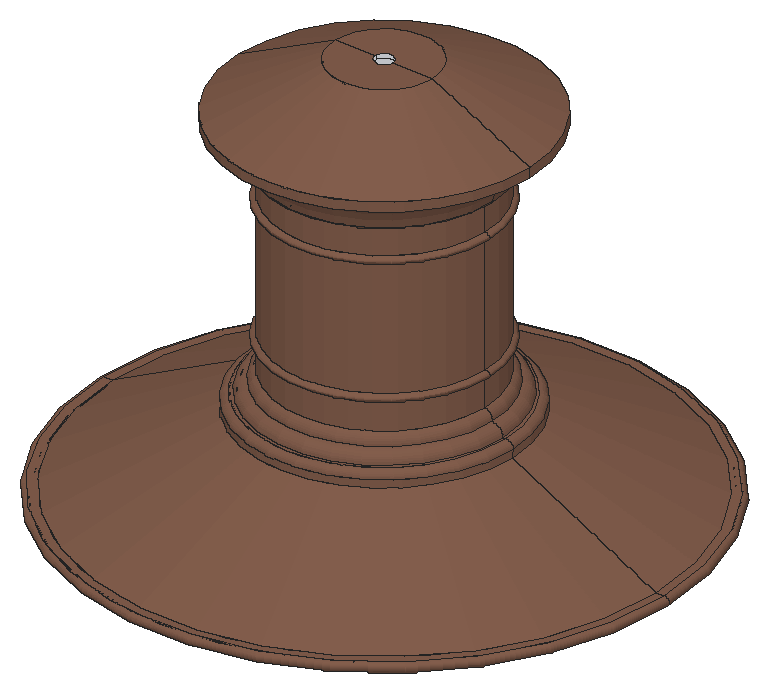
Revit family "MC16 SHADE", category Lighting Fixtures, Revit 2024
Family settings
  Round Connector Dimension = Use Diameter
  Part Type = Normal
  OmniClass Number = 23.80.70.00
  OmniClass Title = Lighting
  Work Plane-Based = No
  Always vertical = Yes
  Cut with Voids When Loaded = No
  Light Source = Yes
  Maintain Annotation Orientation = No
  Shared = No
  Room Calculation Point = No
Parameters
  Wattage = 12.1178 W
  built-in parameter 1150110 = 1 (stored number, unit not read)
  built-in parameter 1114217 = 1 (stored number, unit not read)
  built-in parameter 1150109 = 1 (stored number, unit not read)
  built-in parameter 1150134 = (empty or 0)
  built-in parameter 1150113 = 1 (stored number, unit not read)
  Lumens = 1800 lm
  built-in parameter 1150115 = 1 (stored number, unit not read)
  built-in parameter 1150105 = 572.96 (stored number, unit not read)
  Light Source Symbol Size = 2' - 0"
  built-in parameter 1150137 = (empty or 0)
  built-in parameter 1150139 = (empty or 0)
  built-in parameter 1150112 = 1 (stored number, unit not read)
  built-in parameter 1150114 = 1 (stored number, unit not read)
  built-in parameter 1150132 = 2
  built-in parameter 1150102 = (empty or 0)
  built-in parameter 1150138 = (empty or 0)
  built-in parameter 1150107 = 3000 (stored number, unit not read)
  built-in parameter 1150106 = 5.7296 (stored number, unit not read)
  built-in parameter 1150104 = 13.8 (stored number, unit not read)
  Dimming Lamp Color Temperature Shift = (empty or 0)
  Default Elevation = 0' - 0"
  Color Filter = 16777215
  built-in parameter 1114218 = 1 (stored number, unit not read)
  built-in parameter 1150133 = 10 (stored number, unit not read)
Reference planes (in)
  plane 1 "Light Source Axis (F/B)": y = 0
  plane 2: z = 0
  plane 3 "Light Source Axis (L/R)": x = 0
  plane 4 "Light Source Elevation": z = 84
Forms (in)
  Revolve 1, solid
    sketch origin (0, 0, 0) x (1, 0, 0) y (0, 0, 1)
      loop
        line (-7.75, 84.125) -> (-7.58307, 84.16615) -> (-3.53125, 86.19202) -> (-3.53125, 86.44996)
        arc (-3.53125, 86.44996) -> (-3.50013, 86.52509) -> (-3.425, 86.55621) r 0.10625
        line (-3.425, 86.55621) -> (-3.20871, 86.55621)
        arc (-3.20871, 86.55621) -> (-3.20089, 86.75767) -> (-3.025, 86.85621) r 0.20625
        line (-3.025, 86.85621) -> (-2.93115, 86.95007)
        arc (-2.93115, 86.95007) -> (-2.87699, 87.09463) -> (-2.73363, 87.15189) r 0.19092
        line (-2.73363, 87.15189) -> (-2.73363, 87.96715) -> (-2.73363, 91.41311) -> (-2.73363, 92.49224) -> (-2.79841, 92.49224)
        arc (-2.79841, 92.49224) -> (-2.86377, 92.47668) -> (-2.92608, 92.50182) r 0.11064
        arc (-2.92608, 92.50182) -> (-3.32587, 93.14724) -> (-3.98544, 93.52321) r 1.53995
        line (-3.98544, 93.52321) -> (-3.98544, 93.64105) -> (-1.35364, 94.90625) -> (-0.25, 94.90625) -> (-0.25, 95) -> (-1.375, 95) -> (-4.07919, 93.7) -> (-4.07919, 93.45)
        arc (-4.07919, 93.45) -> (-3.40842, 93.09632) -> (-3.00882, 92.45186) r 1.4462
        arc (-3.00882, 92.45186) -> (-2.92656, 92.39538) -> (-2.82738, 92.38457) r 0.20439
        line (-2.82738, 92.38457) -> (-2.82738, 91.64962)
        spline (-2.82738, 91.64962) -> (-2.86775, 91.63099) -> (-2.90078, 91.61249) -> (-2.92647, 91.59412) -> (-2.94482, 91.57587) -> (-2.95583, 91.55776) -> (-2.9595, 91.53978) -> (-2.95583, 91.52192) -> (-2.94482, 91.50419) -> (-2.92647, 91.48659) -> (-2.90078, 91.46912) -> (-2.86775, 91.45178) -> (-2.82738, 91.43457)
        line (-2.82738, 91.43457) -> (-2.82738, 88.1822)
        spline (-2.82738, 88.1822) -> (-2.86775, 88.16357) -> (-2.90078, 88.14507) -> (-2.92647, 88.1267) -> (-2.94482, 88.10846) -> (-2.95583, 88.09034) -> (-2.9595, 88.07236) -> (-2.95583, 88.0545) -> (-2.94482, 88.03677) -> (-2.92647, 88.01917) -> (-2.90078, 88.0017) -> (-2.86775, 87.98436) -> (-2.82738, 87.96715)
        line (-2.82738, 87.96715) -> (-2.82738, 87.2322)
        arc (-2.82738, 87.2322) -> (-2.97373, 87.12437) -> (-3.025, 86.94996) r 0.28467
        arc (-3.025, 86.94996) -> (-3.23713, 86.8621) -> (-3.325, 86.64996) r 0.3
        line (-3.325, 86.64996) -> (-3.425, 86.64996)
        arc (-3.425, 86.64996) -> (-3.56642, 86.59139) -> (-3.625, 86.44996) r 0.2
        line (-3.625, 86.44996) -> (-3.625, 86.24996) -> (-7.625, 84.25) -> (-7.875, 84.25)
        arc (-7.875, 84.25) -> (-7.96339, 84.03661) -> (-7.75, 84.125) r 0.125
      axis (0, 95) -> (0, 84.125)
    angle from 0 to 360
  Revolve 2, solid, not visible
    sketch origin (0, 0, 0) x (1, 0, 0) y (0, 0, 1)
      loop
        line (-2.99192, 88.09279) -> (-2.89556, 88.09279) -> (-2.89556, 88.38477) -> (-2.99192, 88.38477) -> (-2.99192, 88.09279)
      axis (-2.89556, 88.09279) -> (-2.99192, 88.09279)
    angle from 0 to 360
  Sweep 3, solid, not visible
    path origin (0, 0, 0) x (1, 0, 0) y (0, 0, 1)
      loop
        arc (-2.97158, 88.08519) -> (-3.96217, 87.55604) -> (-4.35786, 86.505) r 1.59375
        line (-4.35786, 86.505) -> (-4.35786, 85.3018)
    profile origin (-3.96217, 0, 87.55604) x (0.751723, 0, -0.659479) y (0, -1, 0)
      loop
        circle (0, 0) r 0.15625
  Revolve 4, solid, not visible
    sketch origin (0, 0, 0) x (1, 0, 0) y (0, 0, 1)
      loop
        line (-4.84702, 85.01395) -> (-4.61007, 85.21882) -> (-4.67548, 85.29447) -> (-5.07238, 85.7535)
        arc (-5.07238, 85.7535) -> (-5.11657, 85.32649) -> (-4.68956, 85.2823) r 0.30356
        line (-4.68956, 85.2823) -> (-4.91791, 85.08485) -> (-4.84702, 85.01395)
      axis (-4.61007, 85.21882) -> (-5.07238, 85.7535)
    angle from 0 to 360
Dimensions and locks (in)
  aligned and locked: plane 3 "Light Source Axis (L/R)" to imposter light
  aligned and locked: plane 1 "Light Source Axis (F/B)" to imposter light
  aligned and locked: plane 4 "Light Source Elevation" to imposter light
  aligned and locked: level to plane 2
